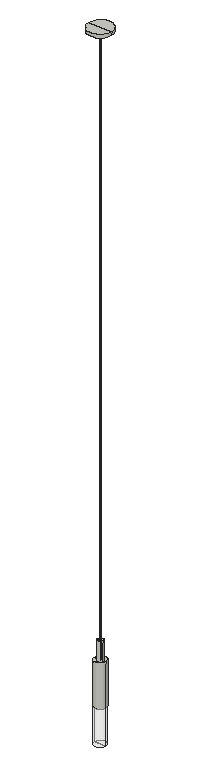
Revit family "Hemera_MIM_Mia-micro-suspension_R21", category Lighting Fixtures, host Ceiling, Revit 2021 (continued)
Types (240, lengths in mm): name | HL_CylinderSize | HL_CordDiameter | HL_REM-MC | HL_FinishCanopy | HL_FinishCylinder | HL_FinishCable | HL_CableStart | HL_D010 | HL_FeatureCode | HL_COC
  MIM-01-SBC-MD-COB-5W/90/35K-REM-MC-UNV | 165.10 | 3.175 | yes | 01-White painted | 01-White painted | SBC-Silky black cord | 15.88 | no | "MIM-01-SBC-MD-COB-5W/90/35K-REM-MC-UNV" | no
  MIM-01-SBC-LG-COB-5W/90/35K-REM-MC-UNV | 317.50 | 3.175 | yes | 01-White painted | 01-White painted | SBC-Silky black cord | 15.88 | no | "MIM-01-SBC-LG-COB-5W/90/35K-REM-MC-UNV" | no
  MIM-01-SBC-LG-COB-5W/90/35K-D010-UNV | 317.50 | 3.175 | no | 01-White painted | 01-White painted | SBC-Silky black cord | 31.62 | yes | "MIM-01-SBC-LG-COB-5W/90/35K-D010-UNV" | no
  MIM-01-SBC-MD-COB-5W/90/35K-D010-UNV | 165.10 | 3.175 | no | 01-White painted | 01-White painted | SBC-Silky black cord | 31.62 | yes | "MIM-01-SBC-MD-COB-5W/90/35K-D010-UNV" | no
  MIM-01-SBC-SM-COB-5W/90/35K-D010-UNV | 76.20 | 3.175 | no | 01-White painted | 01-White painted | SBC-Silky black cord | 31.62 | yes | "MIM-01-SBC-SM-COB-5W/90/35K-D010-UNV" | no
  MIM-01-COC-SM-COB-5W/90/35K-REM-MC-UNV | 76.20 | 1.59 | yes | 01-White painted | 01-White painted | COC-Coaxial cable | 15.88 | no | "MIM-01-COC-SM-COB-5W/90/35K-REM-MC-UNV" | yes
  MIM-01-COC-MD-COB-5W/90/35K-REM-MC-UNV | 165.10 | 1.59 | yes | 01-White painted | 01-White painted | COC-Coaxial cable | 15.88 | no | "MIM-01-COC-MD-COB-5W/90/35K-REM-MC-UNV" | yes
  MIM-01-COC-LG-COB-5W/90/35K-REM-MC-UNV | 317.50 | 1.59 | yes | 01-White painted | 01-White painted | COC-Coaxial cable | 15.88 | no | "MIM-01-COC-LG-COB-5W/90/35K-REM-MC-UNV" | yes
  MIM-01-COC-LG-COB-5W/90/35K-D010-UNV | 317.50 | 1.59 | no | 01-White painted | 01-White painted | COC-Coaxial cable | 31.62 | yes | "MIM-01-COC-LG-COB-5W/90/35K-D010-UNV" | yes
  MIM-01-COC-MD-COB-5W/90/35K-D010-UNV | 165.10 | 1.59 | no | 01-White painted | 01-White painted | COC-Coaxial cable | 31.62 | yes | "MIM-01-COC-MD-COB-5W/90/35K-D010-UNV" | yes
  MIM-01-COC-SM-COB-5W/90/35K-D010-UNV | 76.20 | 1.59 | no | 01-White painted | 01-White painted | COC-Coaxial cable | 31.62 | yes | "MIM-01-COC-SM-COB-5W/90/35K-D010-UNV" | yes
  MIM-01-AGC-SM-COB-5W/90/35K-REM-MC-UNV | 76.20 | 3.175 | yes | 01-White painted | 01-White painted | AGC-Anthracite gray cord | 15.88 | no | "MIM-01-AGC-SM-COB-5W/90/35K-REM-MC-UNV" | no
  MIM-01-AGC-MD-COB-5W/90/35K-REM-MC-UNV | 165.10 | 3.175 | yes | 01-White painted | 01-White painted | AGC-Anthracite gray cord | 15.88 | no | "MIM-01-AGC-MD-COB-5W/90/35K-REM-MC-UNV" | no
  MIM-01-AGC-LG-COB-5W/90/35K-REM-MC-UNV | 317.50 | 3.175 | yes | 01-White painted | 01-White painted | AGC-Anthracite gray cord | 15.88 | no | "MIM-01-AGC-LG-COB-5W/90/35K-REM-MC-UNV" | no
  MIM-01-AGC-LG-COB-5W/90/35K-D010-UNV | 317.50 | 3.175 | no | 01-White painted | 01-White painted | AGC-Anthracite gray cord | 31.62 | yes | "MIM-01-AGC-LG-COB-5W/90/35K-D010-UNV" | no
  MIM-01-AGC-MD-COB-5W/90/35K-D010-UNV | 165.10 | 3.175 | no | 01-White painted | 01-White painted | AGC-Anthracite gray cord | 31.62 | yes | "MIM-01-AGC-MD-COB-5W/90/35K-D010-UNV" | no
  MIM-01-AGC-SM-COB-5W/90/35K-D010-UNV | 76.20 | 3.175 | no | 01-White painted | 01-White painted | AGC-Anthracite gray cord | 31.62 | yes | "MIM-01-AGC-SM-COB-5W/90/35K-D010-UNV" | no
  MIM-01-PWC-SM-COB-5W/90/35K-REM-MC-UNV | 76.20 | 3.175 | yes | 01-White painted | 01-White painted | PWC-Pearly white cord | 15.88 | no | "MIM-01-PWC-SM-COB-5W/90/35K-REM-MC-UNV" | no
  MIM-01-PWC-MD-COB-5W/90/35K-REM-MC-UNV | 165.10 | 3.175 | yes | 01-White painted | 01-White painted | PWC-Pearly white cord | 15.88 | no | "MIM-01-PWC-MD-COB-5W/90/35K-REM-MC-UNV" | no
  MIM-01-PWC-LG-COB-5W/90/35K-REM-MC-UNV | 317.50 | 3.175 | yes | 01-White painted | 01-White painted | PWC-Pearly white cord | 15.88 | no | "MIM-01-PWC-LG-COB-5W/90/35K-REM-MC-UNV" | no
  MIM-01-PWC-LG-COB-5W/90/35K-D010-UNV | 317.50 | 3.175 | no | 01-White painted | 01-White painted | PWC-Pearly white cord | 31.62 | yes | "MIM-01-PWC-LG-COB-5W/90/35K-D010-UNV" | no
  MIM-01-PWC-MD-COB-5W/90/35K-D010-UNV | 165.10 | 3.175 | no | 01-White painted | 01-White painted | PWC-Pearly white cord | 31.62 | yes | "MIM-01-PWC-MD-COB-5W/90/35K-D010-UNV" | no
  MIM-01-PWC-SM-COB-5W/90/35K-D010-UNV | 76.20 | 3.175 | no | 01-White painted | 01-White painted | PWC-Pearly white cord | 31.62 | yes | "MIM-01-PWC-SM-COB-5W/90/35K-D010-UNV" | no
  MIM-31-SGC-SM-COB-5W/90/35K-REM-MC-UNV | 76.20 | 3.175 | yes | 31-Polished nickel plated | 31-Polished nickel plated | SGC-Satin gold cord | 15.88 | no | "MIM-31-SGC-SM-COB-5W/90/35K-REM-MC-UNV" | no
  MIM-31-SGC-MD-COB-5W/90/35K-REM-MC-UNV | 165.10 | 3.175 | yes | 31-Polished nickel plated | 31-Polished nickel plated | SGC-Satin gold cord | 15.88 | no | "MIM-31-SGC-MD-COB-5W/90/35K-REM-MC-UNV" | no
  MIM-31-SGC-LG-COB-5W/90/35K-REM-MC-UNV | 317.50 | 3.175 | yes | 31-Polished nickel plated | 31-Polished nickel plated | SGC-Satin gold cord | 15.88 | no | "MIM-31-SGC-LG-COB-5W/90/35K-REM-MC-UNV" | no
  MIM-31-SGC-LG-COB-5W/90/35K-D010-UNV | 317.50 | 3.175 | no | 31-Polished nickel plated | 31-Polished nickel plated | SGC-Satin gold cord | 31.62 | yes | "MIM-31-SGC-LG-COB-5W/90/35K-D010-UNV" | no
  MIM-31-SGC-MD-COB-5W/90/35K-D010-UNV | 165.10 | 3.175 | no | 31-Polished nickel plated | 31-Polished nickel plated | SGC-Satin gold cord | 31.62 | yes | "MIM-31-SGC-MD-COB-5W/90/35K-D010-UNV" | no
  MIM-31-SGC-SM-COB-5W/90/35K-D010-UNV | 76.20 | 3.175 | no | 31-Polished nickel plated | 31-Polished nickel plated | SGC-Satin gold cord | 31.62 | yes | "MIM-31-SGC-SM-COB-5W/90/35K-D010-UNV" | no
  MIM-31-SBC-SM-COB-5W/90/35K-REM-MC-UNV | 76.20 | 3.175 | yes | 31-Polished nickel plated | 31-Polished nickel plated | SBC-Silky black cord | 15.88 | no | "MIM-31-SBC-SM-COB-5W/90/35K-REM-MC-UNV" | no
  MIM-31-SBC-MD-COB-5W/90/35K-REM-MC-UNV | 165.10 | 3.175 | yes | 31-Polished nickel plated | 31-Polished nickel plated | SBC-Silky black cord | 15.88 | no | "MIM-31-SBC-MD-COB-5W/90/35K-REM-MC-UNV" | no
  MIM-31-SBC-LG-COB-5W/90/35K-REM-MC-UNV | 317.50 | 3.175 | yes | 31-Polished nickel plated | 31-Polished nickel plated | SBC-Silky black cord | 15.88 | no | "MIM-31-SBC-LG-COB-5W/90/35K-REM-MC-UNV" | no
  MIM-31-SBC-LG-COB-5W/90/35K-D010-UNV | 317.50 | 3.175 | no | 31-Polished nickel plated | 31-Polished nickel plated | SBC-Silky black cord | 31.62 | yes | "MIM-31-SBC-LG-COB-5W/90/35K-D010-UNV" | no
  MIM-31-SBC-MD-COB-5W/90/35K-D010-UNV | 165.10 | 3.175 | no | 31-Polished nickel plated | 31-Polished nickel plated | SBC-Silky black cord | 31.62 | yes | "MIM-31-SBC-MD-COB-5W/90/35K-D010-UNV" | no
  MIM-31-SBC-SM-COB-5W/90/35K-D010-UNV | 76.20 | 3.175 | no | 31-Polished nickel plated | 31-Polished nickel plated | SBC-Silky black cord | 31.62 | yes | "MIM-31-SBC-SM-COB-5W/90/35K-D010-UNV" | no
  MIM-31-COC-SM-COB-5W/90/35K-REM-MC-UNV | 76.20 | 1.59 | yes | 31-Polished nickel plated | 31-Polished nickel plated | COC-Coaxial cable | 15.88 | no | "MIM-31-COC-SM-COB-5W/90/35K-REM-MC-UNV" | yes
  MIM-31-COC-MD-COB-5W/90/35K-REM-MC-UNV | 165.10 | 1.59 | yes | 31-Polished nickel plated | 31-Polished nickel plated | COC-Coaxial cable | 15.88 | no | "MIM-31-COC-MD-COB-5W/90/35K-REM-MC-UNV" | yes
  MIM-31-COC-LG-COB-5W/90/35K-REM-MC-UNV | 317.50 | 1.59 | yes | 31-Polished nickel plated | 31-Polished nickel plated | COC-Coaxial cable | 15.88 | no | "MIM-31-COC-LG-COB-5W/90/35K-REM-MC-UNV" | yes
  MIM-31-COC-LG-COB-5W/90/35K-D010-UNV | 317.50 | 1.59 | no | 31-Polished nickel plated | 31-Polished nickel plated | COC-Coaxial cable | 31.62 | yes | "MIM-31-COC-LG-COB-5W/90/35K-D010-UNV" | yes
  MIM-31-COC-MD-COB-5W/90/35K-D010-UNV | 165.10 | 1.59 | no | 31-Polished nickel plated | 31-Polished nickel plated | COC-Coaxial cable | 31.62 | yes | "MIM-31-COC-MD-COB-5W/90/35K-D010-UNV" | yes
  MIM-31-COC-SM-COB-5W/90/35K-D010-UNV | 76.20 | 1.59 | no | 31-Polished nickel plated | 31-Polished nickel plated | COC-Coaxial cable | 31.62 | yes | "MIM-31-COC-SM-COB-5W/90/35K-D010-UNV" | yes
  MIM-31-AGC-SM-COB-5W/90/35K-REM-MC-UNV | 76.20 | 3.175 | yes | 31-Polished nickel plated | 31-Polished nickel plated | AGC-Anthracite gray cord | 15.88 | no | "MIM-31-AGC-SM-COB-5W/90/35K-REM-MC-UNV" | no
  MIM-31-AGC-MD-COB-5W/90/35K-REM-MC-UNV | 165.10 | 3.175 | yes | 31-Polished nickel plated | 31-Polished nickel plated | AGC-Anthracite gray cord | 15.88 | no | "MIM-31-AGC-MD-COB-5W/90/35K-REM-MC-UNV" | no
  MIM-31-AGC-LG-COB-5W/90/35K-REM-MC-UNV | 317.50 | 3.175 | yes | 31-Polished nickel plated | 31-Polished nickel plated | AGC-Anthracite gray cord | 15.88 | no | "MIM-31-AGC-LG-COB-5W/90/35K-REM-MC-UNV" | no
  MIM-31-AGC-LG-COB-5W/90/35K-D010-UNV | 317.50 | 3.175 | no | 31-Polished nickel plated | 31-Polished nickel plated | AGC-Anthracite gray cord | 31.62 | yes | "MIM-31-AGC-LG-COB-5W/90/35K-D010-UNV" | no
  MIM-31-AGC-MD-COB-5W/90/35K-D010-UNV | 165.10 | 3.175 | no | 31-Polished nickel plated | 31-Polished nickel plated | AGC-Anthracite gray cord | 31.62 | yes | "MIM-31-AGC-MD-COB-5W/90/35K-D010-UNV" | no
  MIM-31-AGC-SM-COB-5W/90/35K-D010-UNV | 76.20 | 3.175 | no | 31-Polished nickel plated | 31-Polished nickel plated | AGC-Anthracite gray cord | 31.62 | yes | "MIM-31-AGC-SM-COB-5W/90/35K-D010-UNV" | no
